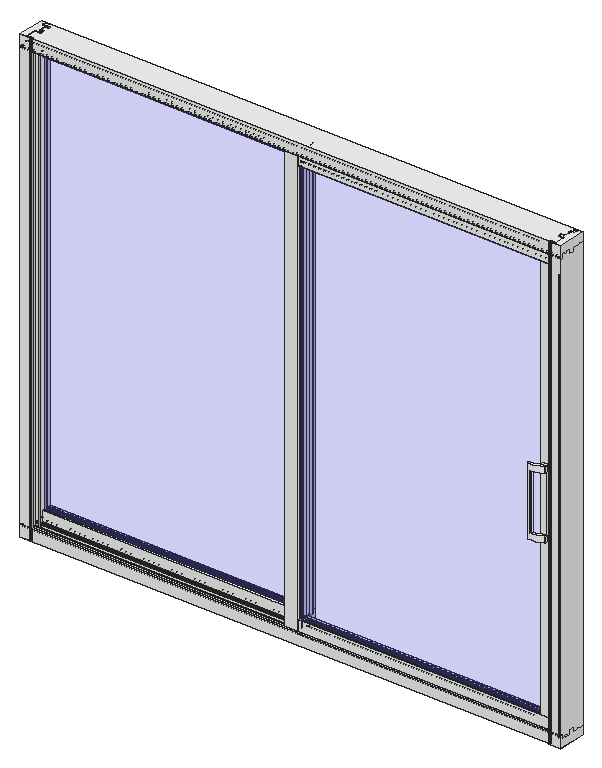
Revit family "Patio-Door_Windsor_Novatech", category Doors, host Wall, Revit 2026 (continued)
Definition of nested family "NOVATECH WINDSOR_SASH_O"
  Dimensions and locks (in)
    "Height": plane 6 to level
    "Width": plane 4 to plane 5
    equal spacing: plane 4, plane 3 "Center (Left/Right)", plane 5
    locked: plane 5 to Extrusion 1 at 0.5576
    locked: plane 1 "Center (Front/Back)" to Extrusion 1 at 0.34524
    locked: Extrusion 1 sketch curve to Extrusion 1 sketch curve at 1.02386
    locked: level to Extrusion 1 at 1.45848
    locked: plane 6 to Extrusion 1 at 1.9402
    locked: plane 8 to plane 5 at 1.1874
    locked: level to plane 9 at 0.50392
    locked: plane 10 to plane 6 at 0.09642
    aligned and locked: plane 2 to level
    aligned and locked: plane 4 to Extrusion 1
    aligned and locked: nested 3 to plane 4
    aligned and locked: plane 1 "Center (Front/Back)" to nested 1
    aligned and locked: level to nested 3
    aligned and locked: plane 1 "Center (Front/Back)" to nested 3
    aligned and locked: nested 2 to plane 1 "Center (Front/Back)"
    aligned and locked: nested 2 to plane 4
    aligned and locked: nested 2 to plane 6
    aligned and locked: plane 8 to nested 2
    aligned and locked: plane 8 to nested 3
    aligned and locked: nested 1 to plane 9
    aligned and locked: plane 10 to nested 1
    aligned and locked: plane 5 to nested 1
  Automatic sketch dimensions
    Extrusion 1 sketch curve to plane 1 "Center (Front/Back)" = 0.34524"
    plane 5 to Extrusion 1 sketch curve = 0.5576"
    Extrusion 1 sketch curve to plane 4 = 0"
  Nested families (in)
    nested 1: "NOVATECH_650_2 LIGHT_SASH_O_LEFT" at (-24.3124, 0, -5.50392) x (0, -1, 0) z (0, 0, 1), type "NOVATECH_650_2 LIGHT_SASH_X_RIGHT"
      with Length 76.85033"
    nested 2: "NOVATECH_650_2 LIGHT_SASH_O_HEADER" at (-24.3124, 1.62483, 73.68), type "O PANEL HEADER"
      with Length 47.4374"
    nested 3: "NOVATECH_650_2 LIGHT_SASH_O_SILL" at (-24.3124, 0, 0), type "O PANEL SILL"
      with built-in parameter 1001306 3.9531 (stored number, unit not read)
  Definition of nested family "NOVATECH_650_2 LIGHT_SASH_O_LEFT"
    Parameters (values of type "NOVATECH_650_2 LIGHT_SASH_X_RIGHT")
      Length [instance] = 76 1/4"
      Frame Material = none
      Default Elevation = 0"
    Types (2): name | Length
      NOVATECH_650_2 LIGHT_SASH_X_RIGHT | 76 1/4"
      X_RIGHT | 75 121/128"
    Reference planes (in)
      plane 1 "Center (Front/Back)": y = 0
      plane 2: z = 5
      plane 3 "Center (Left/Right)": x = 0
      plane 4: z = 81.25
      plane 5: y = 1.1874
    Forms (in)
      Extrusion 1, solid, material <- "Frame Material"
        sketch origin (0, 0, 0) x (1, 0, 0) y (0, 1, 0)
          loop
            line (-0.19882, 0) -> (0, 0) -> (0, 2.3748) -> (-0.34524, 2.3748) -> (-0.34524, 2.2748) -> (-0.29024, 2.2748) -> (-0.29024, 2.3198) -> (-0.21469, 2.3198) -> (-0.21469, 1.91769)
            arc (-0.21469, 1.91769) -> (-0.20255, 1.8783) -> (-0.17035, 1.85257) r 0.07
            line (-0.17035, 1.85257) -> (-0.17035, 1.78297)
            arc (-0.17035, 1.78297) -> (-0.16544, 1.7572) -> (-0.15138, 1.73505) r 0.07
            line (-0.15138, 1.73505) -> (-0.215, 1.62485) -> (-0.215, 1.71534) -> (-0.24268, 1.8248) -> (-0.29, 1.8248) -> (-0.29, 1.745) -> (-1.40059, 1.745) -> (-1.40059, 2.3198) -> (-1.36909, 2.3198) -> (-1.36909, 2.3748) -> (-1.565, 2.3748)
            arc (-1.565, 2.3748) -> (-1.60743, 2.35723) -> (-1.625, 2.3148) r 0.06
            line (-1.625, 2.3148) -> (-1.625, 0.8675) -> (-1.73018, 0.8675) -> (-1.91681, 1.38026)
            arc (-1.91681, 1.38026) -> (-1.95021, 1.39954) -> (-1.975, 1.37) r 0.03
            line (-1.975, 1.37) -> (-1.975, 0.6975)
            arc (-1.975, 0.6975) -> (-1.95, 0.67891) -> (-1.925, 0.6975) r 0.02611
            arc (-1.925, 0.6975) -> (-1.90789, 0.72878) -> (-1.875, 0.715) r 0.02663
            line (-1.875, 0.715) -> (-1.875, 0.525)
            arc (-1.875, 0.525) -> (-1.90853, 0.50939) -> (-1.925, 0.5425) r 0.0265
            arc (-1.925, 0.5425) -> (-1.95, 0.56007) -> (-1.975, 0.5425) r 0.02657
            line (-1.975, 0.5425) -> (-1.975, 0.03)
            arc (-1.975, 0.03) -> (-1.96621, 0.00879) -> (-1.945, 0) r 0.03
            line (-1.945, 0) -> (-1.42618, 0) -> (-1.21237, 0.255) -> (-0.41263, 0.255) -> (-0.19882, 0)
        from 5 to 81.25
    Dimensions and locks (in)
      "Length": plane 4 to plane 2
      aligned and locked: plane 4 to Extrusion 1
      aligned and locked: Extrusion 1 to plane 2
    Automatic sketch dimensions
      plane 1 "Center (Front/Back)" to Extrusion 1 sketch curve = 0"  (x2)
      Extrusion 1 sketch curve to plane 3 "Center (Left/Right)" = 0"
      Extrusion 1 sketch curve to plane 3 "Center (Left/Right)" = 0.10035"
      Extrusion 1 sketch curve to Extrusion 1 sketch curve = 0.04433"
      Extrusion 1 sketch curve to Extrusion 1 sketch curve = 0.05102"
      Extrusion 1 sketch curve to Extrusion 1 sketch curve = 0.01898"
      Extrusion 1 sketch curve to plane 3 "Center (Left/Right)" = 0.19882"
      Extrusion 1 sketch curve to plane 3 "Center (Left/Right)" = 0.21469"
      Extrusion 1 sketch curve to Extrusion 1 sketch curve = 0.06362"
      Extrusion 1 sketch curve to Extrusion 1 sketch curve = 0.07232"
      Extrusion 1 sketch curve to Extrusion 1 sketch curve = 0.04732"
      Extrusion 1 sketch curve to Extrusion 1 sketch curve = 0.07555"
      Extrusion 1 sketch curve to Extrusion 1 sketch curve = 0.055"  (x3)
      Extrusion 1 sketch curve to Extrusion 1 sketch curve = 0.21381"  (x2)
      Extrusion 1 sketch curve to plane 1 "Center (Front/Back)" = 0.255"
      Extrusion 1 sketch curve to Extrusion 1 sketch curve = 0.79975"
      Extrusion 1 sketch curve to Extrusion 1 sketch curve = 1.02386"
      Extrusion 1 sketch curve to Extrusion 1 sketch curve = 0.0315"
      Extrusion 1 sketch curve to Extrusion 1 sketch curve = 0.16441"
      Extrusion 1 sketch curve to Extrusion 1 sketch curve = 0.06"
      Extrusion 1 sketch curve to plane 5 = 0.3199"
      Extrusion 1 sketch curve to Extrusion 1 sketch curve = 0.10518"
      Extrusion 1 sketch curve to Extrusion 1 sketch curve = 0.14482"
      Extrusion 1 sketch curve to Extrusion 1 sketch curve = 0.02409"
      Extrusion 1 sketch curve to Extrusion 1 sketch curve = 0.02477"
      plane 5 to Extrusion 1 sketch curve = 0.19286"
      Extrusion 1 sketch curve to Extrusion 1 sketch curve = 0.18663"
      Extrusion 1 sketch curve to Extrusion 1 sketch curve = 0.51882"
      Extrusion 1 sketch curve to Extrusion 1 sketch curve = 0.02819"
      Extrusion 1 sketch curve to Extrusion 1 sketch curve = 0.05091"
      Extrusion 1 sketch curve to Extrusion 1 sketch curve = 0.05023"
      Extrusion 1 sketch curve to Extrusion 1 sketch curve = 0.03"
      Extrusion 1 sketch curve to plane 1 "Center (Front/Back)" = 0.03"
      Extrusion 1 sketch curve to Extrusion 1 sketch curve = 0.3425"
      Extrusion 1 sketch curve to Extrusion 1 sketch curve = 0.0085"
      Extrusion 1 sketch curve to Extrusion 1 sketch curve = 0.00939"
      Extrusion 1 sketch curve to Extrusion 1 sketch curve = 0.009"
      Extrusion 1 sketch curve to Extrusion 1 sketch curve = 0.155"
      Extrusion 1 sketch curve to Extrusion 1 sketch curve = 0.00615"
      Extrusion 1 sketch curve to Extrusion 1 sketch curve = 0.00752"
      Extrusion 1 sketch curve to Extrusion 1 sketch curve = 0.01135"
      plane 5 to Extrusion 1 sketch curve = 0.43745"
      Extrusion 1 sketch curve to Extrusion 1 sketch curve = 0.09049"
      Extrusion 1 sketch curve to Extrusion 1 sketch curve = 0.01971"
      plane 5 to Extrusion 1 sketch curve = 0.5576"
      Extrusion 1 sketch curve to Extrusion 1 sketch curve = 0.04183"
      Extrusion 1 sketch curve to Extrusion 1 sketch curve = 0.0696"
      Extrusion 1 sketch curve to Extrusion 1 sketch curve = 0.35711"
      Extrusion 1 sketch curve to Extrusion 1 sketch curve = 0.5698"
      Extrusion 1 sketch curve to Extrusion 1 sketch curve = 0.045"
  Definition of nested family "NOVATECH_650_2 LIGHT_SASH_O_HEADER"
    Parameters (values of type "O PANEL HEADER")
      Length [instance] = 25.4316"
      Frame Material = none
      Default Elevation = 0"
    Reference planes (in)
      plane 1 "Center (Front/Back)": y = 0
      plane 2: z = 0
      plane 3 "Center (Left/Right)": x = 0
      plane 4: x = 25.4316
    Forms (in)
      Extrusion 1, solid, material <- "Frame Material"
        sketch origin (0, 3.99113, -1.74837) x (0, 1, 0) y (0, 0, 1)
          loop
            line (-2.3663, 1.74837) -> (-2.3663, 4.23031)
            arc (-2.3663, 4.23031) -> (-2.38639, 4.24041) -> (-2.40192, 4.22415) r 0.0189
            line (-2.40192, 4.22415) -> (-2.45613, 4.22415)
            arc (-2.45613, 4.22415) -> (-2.47104, 4.23043) -> (-2.47697, 4.24547) r 0.02084
            line (-2.47697, 4.24547) -> (-2.47158, 4.32101)
            arc (-2.47158, 4.32101) -> (-2.44565, 4.31423) -> (-2.43513, 4.33887) r 0.02052
            line (-2.43513, 4.33887) -> (-2.49799, 4.40677)
            arc (-2.49799, 4.40677) -> (-2.52545, 4.41306) -> (-2.54133, 4.38979) r 0.025
            line (-2.54133, 4.38979) -> (-2.54133, 4.18447)
            arc (-2.54133, 4.18447) -> (-2.53556, 4.17055) -> (-2.52165, 4.16479) r 0.01969
            line (-2.52165, 4.16479) -> (-2.44113, 4.16479) -> (-2.44113, 3.84837) -> (-3.65613, 3.84837) -> (-3.65613, 4.28837)
            arc (-3.65613, 4.28837) -> (-3.66492, 4.30958) -> (-3.68613, 4.31837) r 0.03
            line (-3.68613, 4.31837) -> (-3.77735, 4.31837) -> (-3.82674, 4.26898)
            arc (-3.82674, 4.26898) -> (-3.82999, 4.25263) -> (-3.81613, 4.24337) r 0.015
            line (-3.81613, 4.24337) -> (-3.73613, 4.24337) -> (-3.73613, 3.62525) -> (-3.91613, 3.62525) -> (-3.91613, 3.68785) -> (-3.99113, 3.68785) -> (-3.99113, 1.90664)
            arc (-3.99113, 1.90664) -> (-3.89305, 1.80747) -> (-3.76672, 1.74837) r 0.39685
            arc (-3.76672, 1.74837) -> (-3.73422, 1.78087) -> (-3.76672, 1.81337) r 0.0325
            line (-3.76672, 1.81337) -> (-3.76672, 2.34207)
            arc (-3.76672, 2.34207) -> (-3.69124, 2.44838) -> (-3.566, 2.41215) r 0.1126
            arc (-3.566, 2.41215) -> (-3.53466, 2.38711) -> (-3.49556, 2.37817) r 0.09
            line (-3.49556, 2.37817) -> (-2.65613, 2.37817) -> (-2.65613, 2.31314)
            arc (-2.65613, 2.31314) -> (-2.63061, 2.29326) -> (-2.60508, 2.31314) r 0.02633
            line (-2.60508, 2.31314) -> (-2.58113, 2.40783) -> (-2.58113, 2.49832) -> (-2.51751, 2.38812)
            arc (-2.51751, 2.38812) -> (-2.53157, 2.36597) -> (-2.53649, 2.3402) r 0.07
            line (-2.53649, 2.3402) -> (-2.53649, 2.2706)
            arc (-2.53649, 2.2706) -> (-2.56868, 2.24487) -> (-2.58082, 2.20548) r 0.07
            line (-2.58082, 2.20548) -> (-2.58082, 1.80337) -> (-2.65637, 1.80337) -> (-2.65637, 1.84837) -> (-2.71137, 1.84837) -> (-2.71137, 1.74837) -> (-2.3663, 1.74837)
        from 0 to 25.4316
    Dimensions and locks (in)
      "Length": plane 3 "Center (Left/Right)" to plane 4
      aligned and locked: plane 2 to level
      aligned and locked: plane 4 to Extrusion 1
      aligned and locked: Extrusion 1 to plane 3 "Center (Left/Right)"
    Automatic sketch dimensions
      Extrusion 1 sketch curve to plane 1 "Center (Front/Back)" = 0"
      Extrusion 1 sketch curve to level = 0"  (x2)
      Extrusion 1 sketch curve to Extrusion 1 sketch curve = 0.075"  (x2)
      Extrusion 1 sketch curve to plane 1 "Center (Front/Back)" = 0.16439"
      Extrusion 1 sketch curve to Extrusion 1 sketch curve = 0.01061"
      Extrusion 1 sketch curve to Extrusion 1 sketch curve = 0.04939"
      level to Extrusion 1 sketch curve = 0.065"
      Extrusion 1 sketch curve to plane 1 "Center (Front/Back)" = 0.22441"
      Extrusion 1 sketch curve to Extrusion 1 sketch curve = 0.18"
      Extrusion 1 sketch curve to Extrusion 1 sketch curve = 0.05"
      Extrusion 1 sketch curve to Extrusion 1 sketch curve = 0.10239"
      Extrusion 1 sketch curve to Extrusion 1 sketch curve = 0.08"
      Extrusion 1 sketch curve to Extrusion 1 sketch curve = 0.1126"
      Extrusion 1 sketch curve to Extrusion 1 sketch curve = 0.15857"
      level to Extrusion 1 sketch curve = 0.1"
      Extrusion 1 sketch curve to Extrusion 1 sketch curve = 0.78419"
      Extrusion 1 sketch curve to Extrusion 1 sketch curve = 0.055"
      Extrusion 1 sketch curve to Extrusion 1 sketch curve = 0.00024"
      Extrusion 1 sketch curve to Extrusion 1 sketch curve = 0.02553"  (x2)
      level to Extrusion 1 sketch curve = 0.56477"
      Extrusion 1 sketch curve to Extrusion 1 sketch curve = 0.02426"
      Extrusion 1 sketch curve to Extrusion 1 sketch curve = 1.1148"
      Extrusion 1 sketch curve to Extrusion 1 sketch curve = 0.06859"
      Extrusion 1 sketch curve to Extrusion 1 sketch curve = 0.01969"
      level to Extrusion 1 sketch curve = 0.63975"
      Extrusion 1 sketch curve to Extrusion 1 sketch curve = 0.01898"
      Extrusion 1 sketch curve to Extrusion 1 sketch curve = 0.025"
      Extrusion 1 sketch curve to Extrusion 1 sketch curve = 0.07"  (x2)
      Extrusion 1 sketch curve to Extrusion 1 sketch curve = 0.01835"
      Extrusion 1 sketch curve to Extrusion 1 sketch curve = 0.04468"
      Extrusion 1 sketch curve to Extrusion 1 sketch curve = 0.00538"
      Extrusion 1 sketch curve to Extrusion 1 sketch curve = 0.02083"
      Extrusion 1 sketch curve to Extrusion 1 sketch curve = 0.0169"
      Extrusion 1 sketch curve to Extrusion 1 sketch curve = 0.015"  (x2)
      Extrusion 1 sketch curve to Extrusion 1 sketch curve = 0.01956"
      Extrusion 1 sketch curve to Extrusion 1 sketch curve = 0.05421"
      Extrusion 1 sketch curve to Extrusion 1 sketch curve = 0.01875"
      Extrusion 1 sketch curve to Extrusion 1 sketch curve = 0.01687"
      Extrusion 1 sketch curve to Extrusion 1 sketch curve = 0.045"  (x2)
      level to Extrusion 1 sketch curve = 0.15827"
      Extrusion 1 sketch curve to Extrusion 1 sketch curve = 0.13472"
      Extrusion 1 sketch curve to Extrusion 1 sketch curve = 0.00646"
      Extrusion 1 sketch curve to Extrusion 1 sketch curve = 0.21029"
      Extrusion 1 sketch curve to Extrusion 1 sketch curve = 0.0361"
      Extrusion 1 sketch curve to Extrusion 1 sketch curve = 0.01971"
      Extrusion 1 sketch curve to Extrusion 1 sketch curve = 0.09"
      Extrusion 1 sketch curve to Extrusion 1 sketch curve = 0.09049"
      Extrusion 1 sketch curve to Extrusion 1 sketch curve = 1.15708"
      Extrusion 1 sketch curve to Extrusion 1 sketch curve = 0.0626"
      Extrusion 1 sketch curve to Extrusion 1 sketch curve = 0.22312"
      Extrusion 1 sketch curve to Extrusion 1 sketch curve = 81/256"
      Extrusion 1 sketch curve to Extrusion 1 sketch curve = 0.057"
      Extrusion 1 sketch curve to Extrusion 1 sketch curve = 0.05937"
      Extrusion 1 sketch curve to Extrusion 1 sketch curve = 0.395"
      Extrusion 1 sketch curve to Extrusion 1 sketch curve = 0.02084"
      Extrusion 1 sketch curve to Extrusion 1 sketch curve = 0.07554"
      Extrusion 1 sketch curve to Extrusion 1 sketch curve = 0.01164"
      Extrusion 1 sketch curve to Extrusion 1 sketch curve = 0.06878"
  Definition of nested family "NOVATECH_650_2 LIGHT_SASH_O_SILL"
    Parameters (values of type "O PANEL SILL")
      built-in parameter 1001306 [instance] = 48"
      Frame Material = none
      Default Elevation = 0"
    Reference planes (in)
      plane 1 "Center (Front/Back)": y = 0
      plane 2: z = 0
      plane 3 "Left": x = 0
      plane 4 "Right": x = 48
    Forms (in)
      Extrusion 1, solid, material <- "Frame Material"
        sketch origin (0, -0.42633, -0.74775) x (0, 1, 0) y (0, 0, 1)
          loop
            line (0.42633, 2.83603) -> (0.08208, 2.83603) -> (0.08208, 2.73603) -> (0.13708, 2.73603) -> (0.13708, 2.78103) -> (0.21263, 2.78103) -> (0.21263, 2.37892)
            arc (0.21263, 2.37892) -> (0.22476, 2.33953) -> (0.25696, 2.3138) r 0.07
            line (0.25696, 2.3138) -> (0.25696, 2.2442)
            arc (0.25696, 2.2442) -> (0.26187, 2.21843) -> (0.27593, 2.19628) r 0.07
            line (0.27593, 2.19628) -> (0.21208, 2.08568) -> (0.21184, 2.18032) -> (0.18456, 2.28603) -> (0.13731, 2.28603) -> (0.13731, 2.20623) -> (-0.70211, 2.20623)
            arc (-0.70211, 2.20623) -> (-0.74122, 2.19729) -> (-0.77255, 2.17225) r 0.09
            arc (-0.77255, 2.17225) -> (-0.8978, 2.13603) -> (-0.97328, 2.24233) r 0.1126
            line (-0.97328, 2.24233) -> (-0.97328, 2.78103) -> (-0.94178, 2.78103) -> (-0.94178, 2.83603) -> (-0.97328, 2.83603)
            arc (-0.97328, 2.83603) -> (-1.09961, 2.77693) -> (-1.19769, 2.67777) r 0.39685
            line (-1.19769, 2.67777) -> (-1.19769, 0.9664) -> (-1.12269, 0.9664) -> (-1.12269, 1.01525) -> (-0.94269, 1.01525) -> (-0.94269, 0.40708) -> (-0.9839, 0.40708)
            arc (-0.9839, 0.40708) -> (-1.01702, 0.37396) -> (-0.9839, 0.34085) r 0.03312
            line (-0.9839, 0.34085) -> (-0.89269, 0.34085)
            arc (-0.89269, 0.34085) -> (-0.87148, 0.34963) -> (-0.86269, 0.37085) r 0.03
            line (-0.86269, 0.37085) -> (-0.86269, 0.74775) -> (0.35231, 0.74775) -> (0.35231, 0.49384) -> (0.2718, 0.49384)
            arc (0.2718, 0.49384) -> (0.25788, 0.48807) -> (0.25211, 0.47415) r 0.01969
            line (0.25211, 0.47415) -> (0.25211, 0.26884)
            arc (0.25211, 0.26884) -> (0.26799, 0.24556) -> (0.29546, 0.25185) r 0.025
            line (0.29546, 0.25185) -> (0.36809, 0.3303) -> (0.31537, 0.33849) -> (0.31537, 0.44152) -> (0.38336, 0.44152)
            arc (0.38336, 0.44152) -> (0.40515, 0.42961) -> (0.42633, 0.44256) r 0.02479
            line (0.42633, 0.44256) -> (0.42633, 2.83603)
        from 0 to 48
    Lines and regions (in)
      reference lines
        curve 1: line (0, 0.91091, 0) -> (48, 0.91091, 0)
    Dimensions and locks (in)
      "built-in parameter 1001306": plane 3 "Left" to plane 4 "Right"
      aligned and locked: plane 4 "Right" to curve 1
      aligned and locked: plane 3 "Left" to curve 1
      aligned and locked: level to plane 2
      aligned and locked: Extrusion 1 to plane 3 "Left"
      aligned and locked: plane 4 "Right" to Extrusion 1
    Automatic sketch dimensions
      curve 1 to plane 1 "Center (Front/Back)" = 0.91091"
      level to Extrusion 1 sketch curve = 0"
      plane 1 "Center (Front/Back)" to Extrusion 1 sketch curve = 0"
      plane 1 "Center (Front/Back)" to Extrusion 1 sketch curve = 0.02178"
      Extrusion 1 sketch curve to Extrusion 1 sketch curve = 0.02119"
      plane 1 "Center (Front/Back)" to Extrusion 1 sketch curve = 0.05824"
      plane 1 "Center (Front/Back)" to Extrusion 1 sketch curve = 0.07402"
      plane 1 "Center (Front/Back)" to Extrusion 1 sketch curve = 0.09938"
      Extrusion 1 sketch curve to Extrusion 1 sketch curve = 0.06799"
      Extrusion 1 sketch curve to Extrusion 1 sketch curve = 0.01991"
      Extrusion 1 sketch curve to Extrusion 1 sketch curve = 0.04433"
      Extrusion 1 sketch curve to Extrusion 1 sketch curve = 0.01835"
      Extrusion 1 sketch curve to Extrusion 1 sketch curve = 0.05102"
      Extrusion 1 sketch curve to Extrusion 1 sketch curve = 0.08051"
      Extrusion 1 sketch curve to Extrusion 1 sketch curve = 0.01898"
      Extrusion 1 sketch curve to Extrusion 1 sketch curve = 0.025"
      plane 1 "Center (Front/Back)" to Extrusion 1 sketch curve = 0.21371"
      Extrusion 1 sketch curve to Extrusion 1 sketch curve = 0.06385"
      Extrusion 1 sketch curve to Extrusion 1 sketch curve = 0.0641"
      Extrusion 1 sketch curve to Extrusion 1 sketch curve = 0.0724"
      Extrusion 1 sketch curve to Extrusion 1 sketch curve = 0.07452"
      Extrusion 1 sketch curve to Extrusion 1 sketch curve = 0.07555"
      Extrusion 1 sketch curve to Extrusion 1 sketch curve = 0.055"  (x3)
      Extrusion 1 sketch curve to Extrusion 1 sketch curve = 0.83942"
      Extrusion 1 sketch curve to Extrusion 1 sketch curve = 0.15857"
      Extrusion 1 sketch curve to Extrusion 1 sketch curve = 1.1148"
      Extrusion 1 sketch curve to Extrusion 1 sketch curve = 0.01021"
      Extrusion 1 sketch curve to Extrusion 1 sketch curve = 0.03"
      Extrusion 1 sketch curve to Extrusion 1 sketch curve = 0.0709"
      Extrusion 1 sketch curve to Extrusion 1 sketch curve = 0.05"
      Extrusion 1 sketch curve to Extrusion 1 sketch curve = 0.0315"  (x2)
      Extrusion 1 sketch curve to Extrusion 1 sketch curve = 0.04121"
      Extrusion 1 sketch curve to Extrusion 1 sketch curve = 0.18"
      Extrusion 1 sketch curve to Extrusion 1 sketch curve = 0.075"
      Extrusion 1 sketch curve to level = 65/256"
      Extrusion 1 sketch curve to Extrusion 1 sketch curve = 0.03944"
      Extrusion 1 sketch curve to Extrusion 1 sketch curve = 0.01288"
      Extrusion 1 sketch curve to level = 0.34068"
      Extrusion 1 sketch curve to Extrusion 1 sketch curve = 0.03312"
      Extrusion 1 sketch curve to Extrusion 1 sketch curve = 0.10303"
      Extrusion 1 sketch curve to Extrusion 1 sketch curve = 0.00819"
      Extrusion 1 sketch curve to Extrusion 1 sketch curve = 0.06965"
      level to Extrusion 1 sketch curve = 0.21865"
      Extrusion 1 sketch curve to Extrusion 1 sketch curve = 0.04885"
      level to Extrusion 1 sketch curve = 1.33793"
      Extrusion 1 sketch curve to Extrusion 1 sketch curve = 0.03055"
      Extrusion 1 sketch curve to Extrusion 1 sketch curve = 0.09464"
      Extrusion 1 sketch curve to Extrusion 1 sketch curve = 0.01596"
      Extrusion 1 sketch curve to Extrusion 1 sketch curve = 0.02591"
      Extrusion 1 sketch curve to Extrusion 1 sketch curve = 0.0361"
      Extrusion 1 sketch curve to Extrusion 1 sketch curve = 0.04183"
      Extrusion 1 sketch curve to Extrusion 1 sketch curve = 0.0696"
      Extrusion 1 sketch curve to Extrusion 1 sketch curve = 0.21029"
      Extrusion 1 sketch curve to Extrusion 1 sketch curve = 0.22515"
      Extrusion 1 sketch curve to Extrusion 1 sketch curve = 0.35711"
      Extrusion 1 sketch curve to Extrusion 1 sketch curve = 0.045"
Definition of nested family "NOVATECH_WINDSOR_LIGHT_SASH_X"
  Parameters (values of type "SASH_X")
    Width = 46 1/4"
    Panel Material = none
    Height = 76 1/4"
    Frame Material = none
    Default Elevation = 0"
  Reference planes (in)
    plane 1 "Center (Front/Back)": y = 0
    plane 2: z = -0.08661
    plane 3 "Center (Left/Right)": x = 0
    plane 4: x = 23.125
    plane 5: x = -23.125
    plane 6: z = 76.16339
    plane 7: y = 0.8125
    plane 8: x = 21.9376
    plane 9: z = 75.72272
    plane 10: z = -0.57143
  Forms (in)
    Extrusion 1, solid, material <- "Panel Material"
      sketch origin (53.25948, -3.31617, -6.62158) x (1, 0, 0) y (0, 1, 0)
        loop
          line (-74.63948, 4.68526) -> (-74.63948, 3.66141) -> (-30.69208, 3.66141) -> (-30.69208, 4.68526) -> (-74.63948, 4.68526)
      from 8.02497 to 80.8543
  Dimensions and locks (in)
    "Height": plane 6 to level
    "Width": plane 4 to plane 5
    equal spacing: plane 4, plane 3 "Center (Left/Right)", plane 5
    locked: Extrusion 1 sketch curve to Extrusion 1 sketch curve at 1.02386
    locked: plane 5 to Extrusion 1 at 1.745
    locked: Extrusion 1 to plane 4 at 0.5576
    locked: Extrusion 1 to level at 1.49
    locked: plane 8 to plane 4 at 1.1874
    locked: plane 6 to Extrusion 1 at 1.93067
    locked: Extrusion 1 to plane 1 "Center (Front/Back)" at 1.36909
    locked: plane 9 to plane 6 at 0.44067
    locked: level to plane 10 at 0.48482
    aligned and locked: nested 1 to plane 5  (x2)
    aligned and locked: plane 1 "Center (Front/Back)" to nested 1
    aligned and locked: plane 1 "Center (Front/Back)" to nested 2
    aligned and locked: nested 1 to level
    aligned and locked: nested 3 to plane 1 "Center (Front/Back)"
    aligned and locked: plane 8 to nested 3
    aligned and locked: level to nested 4
    aligned and locked: plane 6 to nested 3
    aligned and locked: nested 1 to plane 9
    aligned and locked: plane 8 to nested 4
    aligned and locked: nested 2 to plane 10
    aligned and locked: plane 6 to nested 2
    aligned and locked: nested 3 to plane 5
    aligned and locked: nested 4 to plane 5
    aligned and locked: nested 2 to plane 4
  Automatic sketch dimensions
    Extrusion 1 sketch curve to plane 1 "Center (Front/Back)" = 0.34524"
    plane 5 to Extrusion 1 sketch curve = 1.745"
    Extrusion 1 sketch curve to plane 4 = 0.5576"
  Nested families (in)
    nested 1: "NOVATECH_650_2 LIGHT_SASH_X_LEFT" at (-23.125, 1.625, -18.97724) x (0, -1, 0) z (0, 0, 1), type "X_LEFT"
      with Length 75.80933"
    nested 2: "NOVATECH_650_2 LIGHT_SASH_X_RIGHT" at (24.3124, 1.625, -14.07143) x (0, 1, 0) z (0, 0, 1), type "X_RIGHT"
      with Length 76.73482"
    nested 3: "NOVATECH_650_2 LIGHT_SASH_X_HEADER" at (-23.125, -2.1125, 75.72272), type "X_HEADER"
      with built-in parameter 1001306 3.7552 (stored number, unit not read)
    nested 4: "NOVATECH_650_2 LIGHT_SASH_X_SILL" at (-23.125, -2.1125, -0.08661), type "X_SILL"
      with built-in parameter 1001306 3.7552 (stored number, unit not read)
  Definition of nested family "NOVATECH_650_2 LIGHT_SASH_X_LEFT"
    Parameters (values of type "X_LEFT")
      Length [instance] = 84"
      Frame Material = none
      Default Elevation = 0"
    Reference planes (in)
      plane 1 "Center (Front/Back)": y = 0
      plane 2: z = 18.89063
      plane 3 "Center (Left/Right)": x = 0
      plane 4: z = 102.89063
      plane 5: x = 1.65748
    Forms (in)
      Extrusion 1, solid, material <- "Frame Material"
        sketch origin (0, 0, 0) x (1, 0, 0) y (0, 1, 0)
          loop
            line (0.41263, 0.255) -> (1.21237, 0.255) -> (1.42618, 0) -> (1.565, 0)
            arc (1.565, 0) -> (1.60743, 0.01757) -> (1.625, 0.06) r 0.06
            line (1.625, 0.06) -> (1.625, 2.3748) -> (1.27976, 2.3748) -> (1.27976, 2.2748) -> (1.33476, 2.2748) -> (1.33476, 2.3198) -> (1.41031, 2.3198) -> (1.41031, 1.91769)
            arc (1.41031, 1.91769) -> (1.42245, 1.8783) -> (1.45465, 1.85257) r 0.07
            line (1.45465, 1.85257) -> (1.45465, 1.78297)
            arc (1.45465, 1.78297) -> (1.45956, 1.7572) -> (1.47362, 1.73505) r 0.07
            line (1.47362, 1.73505) -> (1.40977, 1.62445) -> (1.40952, 1.71909) -> (1.38611, 1.8098)
            arc (1.38611, 1.8098) -> (1.36056, 1.8296) -> (1.335, 1.8098) r 0.02639
            line (1.335, 1.8098) -> (1.335, 1.745) -> (0.22441, 1.745) -> (0.22441, 2.3098)
            arc (0.22441, 2.3098) -> (0.25691, 2.3423) -> (0.22441, 2.3748) r 0.0325
            arc (0.22441, 2.3748) -> (0.09808, 2.3157) -> (0, 2.21654) r 0.39685
            line (0, 2.21654) -> (0, 0.06)
            arc (0, 0.06) -> (0.01757, 0.01757) -> (0.06, 0) r 0.06
            line (0.06, 0) -> (0.19882, 0) -> (0.41263, 0.255)
        from 18.89063 to 102.89063
    Dimensions and locks (in)
      "Length": plane 4 to plane 2
      aligned and locked: plane 4 to Extrusion 1
      aligned and locked: Extrusion 1 to plane 2
      aligned and locked: plane 2 to level
    Automatic sketch dimensions
      Extrusion 1 sketch curve to plane 3 "Center (Left/Right)" = 0"
      plane 1 "Center (Front/Back)" to Extrusion 1 sketch curve = 0"  (x2)
      Extrusion 1 sketch curve to Extrusion 1 sketch curve = 0.06"
      Extrusion 1 sketch curve to Extrusion 1 sketch curve = 0.13882"
      plane 3 "Center (Left/Right)" to Extrusion 1 sketch curve = 0.22441"
      Extrusion 1 sketch curve to Extrusion 1 sketch curve = 0.10239"
      Extrusion 1 sketch curve to Extrusion 1 sketch curve = 0.21381"
      Extrusion 1 sketch curve to plane 5 = 0.44511"
      Extrusion 1 sketch curve to plane 5 = 0.37772"
      Extrusion 1 sketch curve to Extrusion 1 sketch curve = 0.055"  (x2)
      Extrusion 1 sketch curve to plane 5 = 0.32248"
      Extrusion 1 sketch curve to Extrusion 1 sketch curve = 0.02556"  (x2)
      Extrusion 1 sketch curve to Extrusion 1 sketch curve = 0.07452"
      Extrusion 1 sketch curve to Extrusion 1 sketch curve = 0.00024"
      Extrusion 1 sketch curve to Extrusion 1 sketch curve = 0.0242"
      Extrusion 1 sketch curve to plane 5 = 0.2313"
      Extrusion 1 sketch curve to Extrusion 1 sketch curve = 0.04433"
      Extrusion 1 sketch curve to Extrusion 1 sketch curve = 0.01898"
      Extrusion 1 sketch curve to Extrusion 1 sketch curve = 0.02567"
      Extrusion 1 sketch curve to Extrusion 1 sketch curve = 0.07"
      Extrusion 1 sketch curve to plane 1 "Center (Front/Back)" = 0.06"
      Extrusion 1 sketch curve to plane 5 = 0.09248"
      Extrusion 1 sketch curve to plane 1 "Center (Front/Back)" = 0.255"
      Extrusion 1 sketch curve to Extrusion 1 sketch curve = 1.36945"
      Extrusion 1 sketch curve to Extrusion 1 sketch curve = 0.09464"
      Extrusion 1 sketch curve to Extrusion 1 sketch curve = 0.01596"
      Extrusion 1 sketch curve to Extrusion 1 sketch curve = 0.02591"
      Extrusion 1 sketch curve to Extrusion 1 sketch curve = 0.05821"
      Extrusion 1 sketch curve to Extrusion 1 sketch curve = 0.0066"
      Extrusion 1 sketch curve to Extrusion 1 sketch curve = 0.0696"
      Extrusion 1 sketch curve to Extrusion 1 sketch curve = 0.22515"
      Extrusion 1 sketch curve to Extrusion 1 sketch curve = 0.35711"
      Extrusion 1 sketch curve to Extrusion 1 sketch curve = 0.065"
      Extrusion 1 sketch curve to Extrusion 1 sketch curve = 0.045"
      Extrusion 1 sketch curve to Extrusion 1 sketch curve = 0.24639"
  Definition of nested family "NOVATECH_650_2 LIGHT_SASH_X_RIGHT"
    Parameters (values of type "NOVATECH_650_2 LIGHT_SASH_X_RIGHT")
      Length [instance] = 79 1/2"
      Frame Material = none
      Default Elevation = 0"
    Types (2): name | Length
      NOVATECH_650_2 LIGHT_SASH_X_RIGHT | 79 1/2"
      X_RIGHT | 91 121/128"
    Reference planes (in)
      plane 1 "Center (Front/Back)": y = 0
      plane 2: z = 13.5
      plane 3 "Center (Left/Right)": x = 0
      plane 4: z = 93
      plane 5: y = 1.1874
    Forms (in)
      Extrusion 1, solid, material <- "Frame Material"
        sketch origin (0, 0, 0) x (1, 0, 0) y (0, 1, 0)
          loop
            line (-0.19882, 0) -> (0, 0) -> (0, 2.21654)
            arc (0, 2.21654) -> (-0.09808, 2.3157) -> (-0.22441, 2.3748) r 0.39685
            line (-0.22441, 2.3748) -> (-0.25591, 2.3748) -> (-0.25591, 2.3198) -> (-0.22441, 2.3198) -> (-0.22441, 1.745) -> (-1.335, 1.745) -> (-1.335, 1.81004)
            arc (-1.335, 1.81004) -> (-1.36053, 1.82991) -> (-1.38605, 1.81004) r 0.02633
            line (-1.38605, 1.81004) -> (-1.41, 1.71534) -> (-1.41, 1.62485) -> (-1.47362, 1.73505)
            arc (-1.47362, 1.73505) -> (-1.45956, 1.7572) -> (-1.45465, 1.78297) r 0.07
            line (-1.45465, 1.78297) -> (-1.45465, 1.85257)
            arc (-1.45465, 1.85257) -> (-1.42245, 1.8783) -> (-1.41031, 1.91769) r 0.07
            line (-1.41031, 1.91769) -> (-1.41031, 2.3198) -> (-1.335, 2.3198) -> (-1.335, 2.27481) -> (-1.27976, 2.27481) -> (-1.27976, 2.3748) -> (-1.625, 2.3748) -> (-1.625, 0.8675) -> (-1.73018, 0.8675) -> (-1.91681, 1.38026)
            arc (-1.91681, 1.38026) -> (-1.95021, 1.39954) -> (-1.975, 1.37) r 0.03
            line (-1.975, 1.37) -> (-1.975, 0.6975)
            arc (-1.975, 0.6975) -> (-1.95, 0.67891) -> (-1.925, 0.6975) r 0.02611
            arc (-1.925, 0.6975) -> (-1.90789, 0.72878) -> (-1.875, 0.715) r 0.02663
            line (-1.875, 0.715) -> (-1.875, 0.525)
            arc (-1.875, 0.525) -> (-1.90853, 0.50939) -> (-1.925, 0.5425) r 0.0265
            arc (-1.925, 0.5425) -> (-1.95, 0.56007) -> (-1.975, 0.5425) r 0.02657
            line (-1.975, 0.5425) -> (-1.975, 0.03)
            arc (-1.975, 0.03) -> (-1.96621, 0.00879) -> (-1.945, 0) r 0.03
            line (-1.945, 0) -> (-1.42618, 0) -> (-1.21237, 0.255) -> (-0.41263, 0.255) -> (-0.19882, 0)
        from 13.5 to 93
    Dimensions and locks (in)
      "Length": plane 4 to plane 2
      aligned and locked: plane 4 to Extrusion 1
      aligned and locked: Extrusion 1 to plane 2
      aligned and locked: level to plane 2
    Automatic sketch dimensions
      plane 1 "Center (Front/Back)" to Extrusion 1 sketch curve = 0"  (x2)
      Extrusion 1 sketch curve to plane 3 "Center (Left/Right)" = 0"
      Extrusion 1 sketch curve to plane 3 "Center (Left/Right)" = 0.19882"
      Extrusion 1 sketch curve to plane 3 "Center (Left/Right)" = 0.22441"
      Extrusion 1 sketch curve to Extrusion 1 sketch curve = 0"  (x2)
      Extrusion 1 sketch curve to Extrusion 1 sketch curve = 0.0315"
      Extrusion 1 sketch curve to Extrusion 1 sketch curve = 0.21381"  (x2)
      Extrusion 1 sketch curve to plane 1 "Center (Front/Back)" = 0.255"
      Extrusion 1 sketch curve to Extrusion 1 sketch curve = 0.79975"
      Extrusion 1 sketch curve to Extrusion 1 sketch curve = 1.05535"
      Extrusion 1 sketch curve to Extrusion 1 sketch curve = 0.05524"
      Extrusion 1 sketch curve to Extrusion 1 sketch curve = 0.02553"  (x2)
      Extrusion 1 sketch curve to Extrusion 1 sketch curve = 0.075"
      Extrusion 1 sketch curve to Extrusion 1 sketch curve = 0.07531"
      Extrusion 1 sketch curve to Extrusion 1 sketch curve = 0.04433"
      Extrusion 1 sketch curve to Extrusion 1 sketch curve = 0.01898"
      Extrusion 1 sketch curve to Extrusion 1 sketch curve = 0.07"  (x3)
      Extrusion 1 sketch curve to Extrusion 1 sketch curve = 0.21469"
      Extrusion 1 sketch curve to Extrusion 1 sketch curve = 0.10518"
      Extrusion 1 sketch curve to Extrusion 1 sketch curve = 0.14482"
      Extrusion 1 sketch curve to Extrusion 1 sketch curve = 0.02409"
      Extrusion 1 sketch curve to Extrusion 1 sketch curve = 0.02477"
      Extrusion 1 sketch curve to Extrusion 1 sketch curve = 0.18663"
      Extrusion 1 sketch curve to plane 1 "Center (Front/Back)" = 0.03"
      Extrusion 1 sketch curve to Extrusion 1 sketch curve = 0.02819"
      Extrusion 1 sketch curve to Extrusion 1 sketch curve = 0.025"  (x2)
      Extrusion 1 sketch curve to Extrusion 1 sketch curve = 0.05091"
      Extrusion 1 sketch curve to Extrusion 1 sketch curve = 0.3425"
      Extrusion 1 sketch curve to Extrusion 1 sketch curve = 0.0085"
      Extrusion 1 sketch curve to Extrusion 1 sketch curve = 0.00939"
      Extrusion 1 sketch curve to Extrusion 1 sketch curve = 0.009"
      Extrusion 1 sketch curve to Extrusion 1 sketch curve = 0.155"
      Extrusion 1 sketch curve to Extrusion 1 sketch curve = 0.00615"
      Extrusion 1 sketch curve to Extrusion 1 sketch curve = 0.00752"
      Extrusion 1 sketch curve to Extrusion 1 sketch curve = 0.01135"
      Extrusion 1 sketch curve to Extrusion 1 sketch curve = 0.01971"
      Extrusion 1 sketch curve to Extrusion 1 sketch curve = 0.06504"
      Extrusion 1 sketch curve to Extrusion 1 sketch curve = 0.00646"
      Extrusion 1 sketch curve to Extrusion 1 sketch curve = 0.0696"
      Extrusion 1 sketch curve to Extrusion 1 sketch curve = 0.22515"
      Extrusion 1 sketch curve to Extrusion 1 sketch curve = 0.35711"
      Extrusion 1 sketch curve to Extrusion 1 sketch curve = 0.045"
      Extrusion 1 sketch curve to Extrusion 1 sketch curve = 0.055"  (x2)
      Extrusion 1 sketch curve to Extrusion 1 sketch curve = 0.495"
      Extrusion 1 sketch curve to Extrusion 1 sketch curve = 0.5025"
      Extrusion 1 sketch curve to Extrusion 1 sketch curve = 0.24459"
      Extrusion 1 sketch curve to Extrusion 1 sketch curve = 0.09049"
      Extrusion 1 sketch curve to Extrusion 1 sketch curve = 0.02966"
      Extrusion 1 sketch curve to Extrusion 1 sketch curve = 0.10239"
      Extrusion 1 sketch curve to Extrusion 1 sketch curve = 0.24639"
  Definition of nested family "NOVATECH_650_2 LIGHT_SASH_X_HEADER"
    Parameters (values of type "X_HEADER")
      built-in parameter 1001306 [instance] = 54"
      Frame Material = none
      Default Elevation = 0"
    Reference planes (in)
      plane 1 "Center (Front/Back)": y = 0
      plane 2: z = 0
      plane 3 "Left": x = 0
      plane 4 "Right": x = 54
      plane 5: z = 2.55857
    Forms (in)
      Extrusion 1, solid, material <- "Frame Material"
        sketch origin (0, 0, 0) x (0, 1, 0) y (0, 0, 1)
          loop
            arc (-2.1125, 0.195) -> (-2.13007, 0.23743) -> (-2.1725, 0.255) r 0.06
            line (-2.1725, 0.255) -> (-2.31132, 0.255) -> (-2.52513, 0) -> (-2.58105, 0) -> (-2.58105, 0.08646) -> (-2.77205, 0.08646) -> (-2.77205, 0.36541) -> (-2.80605, 0.36541) -> (-2.80605, 0.12284)
            arc (-2.80605, 0.12284) -> (-2.86309, 0.16682) -> (-2.93355, 0.18174) r 0.16205
            arc (-2.93355, 0.18174) -> (-3.00128, 0.16575) -> (-3.05605, 0.12284) r 0.16205
            line (-3.05605, 0.12284) -> (-3.05605, 0.36541) -> (-3.09005, 0.36541) -> (-3.09005, 0.08646) -> (-3.28105, 0.08646) -> (-3.28105, 0) -> (-3.32487, 0) -> (-3.53868, 0.255) -> (-3.6775, 0.255)
            arc (-3.6775, 0.255) -> (-3.71993, 0.23743) -> (-3.7375, 0.195) r 0.06
            line (-3.7375, 0.195) -> (-3.7375, -1.96154)
            arc (-3.7375, -1.96154) -> (-3.63942, -2.0607) -> (-3.51309, -2.1198) r 0.39685
            arc (-3.51309, -2.1198) -> (-3.48059, -2.0873) -> (-3.51309, -2.0548) r 0.0325
            line (-3.51309, -2.0548) -> (-3.51309, -1.5261)
            arc (-3.51309, -1.5261) -> (-3.43761, -1.4198) -> (-3.31236, -1.45602) r 0.1126
            arc (-3.31236, -1.45602) -> (-3.28103, -1.48106) -> (-3.24192, -1.49) r 0.09
            line (-3.24192, -1.49) -> (-2.4025, -1.49) -> (-2.4025, -1.5698) -> (-2.35526, -1.5698) -> (-2.32798, -1.46409) -> (-2.32773, -1.36945) -> (-2.26388, -1.48005)
            arc (-2.26388, -1.48005) -> (-2.27794, -1.5022) -> (-2.28285, -1.52797) r 0.07
            line (-2.28285, -1.52797) -> (-2.28285, -1.59757)
            arc (-2.28285, -1.59757) -> (-2.31505, -1.6233) -> (-2.32719, -1.66269) r 0.07
            line (-2.32719, -1.66269) -> (-2.32719, -2.0648) -> (-2.40274, -2.0648) -> (-2.40274, -2.0198) -> (-2.45774, -2.0198) -> (-2.45774, -2.1198) -> (-2.1125, -2.1198) -> (-2.1125, 0.195)
          loop
            line (-1.41, 0.44067) -> (-1.44121, 0.44067) -> (-1.50061, 0.38127)
            arc (-1.50061, 0.38127) -> (-1.50386, 0.36493) -> (-1.49, 0.35567) r 0.015
            line (-1.49, 0.35567) -> (-1.45, 0.35567) -> (-1.45, -0.11449) -> (-1.4164, -0.11449) -> (-1.4164, -0.19433) -> (-1.89268, -0.19433)
            arc (-1.89268, -0.19433) -> (-1.91461, -0.18487) -> (-1.92997, -0.20316) r 0.02
            arc (-1.92997, -0.20316) -> (-1.91305, -0.24971) -> (-1.86757, -0.26933) r 0.0625
            line (-1.86757, -0.26933) -> (-1.78435, -0.26933) -> (-1.75875, -0.28933) -> (-1.59125, -0.28933) -> (-1.56565, -0.26933) -> (-1.42421, -0.26933) -> (-1.39386, -0.28349) -> (-1.22636, -0.2422) -> (-1.19902, -0.21487) -> (-1.04306, -0.17643) -> (-1.00932, -0.18871) -> (-0.85136, -0.14977) -> (-0.82957, -0.1238) -> (-0.66806, -0.084) -> (-0.62802, -0.09473) -> (-0.47636, -0.05734) -> (-0.44902, -0.03001) -> (-0.29306, 0.00843) -> (-0.25932, -0.00385) -> (-0.10136, 0.03508) -> (-0.07402, 0.06242) -> (-0.03317, 0.07249)
            arc (-0.03317, 0.07249) -> (-0.00928, 0.08794) -> (0, 0.11483) r 0.04361
            line (0, 0.11483) -> (0, 0.36567) -> (-0.075, 0.36567) -> (-0.075, 0.13942) -> (-0.16537, 0.11715) -> (-0.16537, 0.42874) -> (-0.13388, 0.42874)
            arc (-0.13388, 0.42874) -> (-0.12161, 0.43677) -> (-0.12405, 0.45123) r 0.01339
            line (-0.12405, 0.45123) -> (-0.17665, 0.50805)
            arc (-0.17665, 0.50805) -> (-0.20412, 0.51435) -> (-0.22, 0.49107) r 0.025
            line (-0.22, 0.49107) -> (-0.22, 0.10368) -> (-0.84375, -0.05006) -> (-0.84375, 0.37567) -> (-0.8125, 0.37567)
            arc (-0.8125, 0.37567) -> (-0.79129, 0.38445) -> (-0.7825, 0.40567) r 0.03
            line (-0.7825, 0.40567) -> (-0.7825, 0.44067) -> (-0.97, 0.44067) -> (-0.97, 0.40567)
            arc (-0.97, 0.40567) -> (-0.96121, 0.38445) -> (-0.94, 0.37567) r 0.03
            line (-0.94, 0.37567) -> (-0.90875, 0.37567) -> (-0.90875, -0.06608) -> (-1.355, -0.17607) -> (-1.355, -0.12933)
            arc (-1.355, -0.12933) -> (-1.36289, -0.09469) -> (-1.385, -0.06688) r 0.08
            line (-1.385, -0.06688) -> (-1.385, 0.41567)
            arc (-1.385, 0.41567) -> (-1.39232, 0.43334) -> (-1.41, 0.44067) r 0.025
        from 0 to 54
    Lines and regions (in)
      reference lines
        curve 1: line (0, 0, 0) -> (54, 0, 0)
    Dimensions and locks (in)
      "built-in parameter 1001306": plane 3 "Left" to plane 4 "Right"
      aligned and locked: plane 4 "Right" to curve 1
      aligned and locked: plane 1 "Center (Front/Back)" to curve 1
      aligned and locked: plane 3 "Left" to curve 1
      aligned and locked: level to plane 2
      aligned and locked: Extrusion 1 to curve 1
      aligned and locked: Extrusion 1 to plane 3 "Left"
    Automatic sketch dimensions
      Extrusion 1 sketch curve to Extrusion 1 sketch curve = 0"  (x3)
      Extrusion 1 sketch curve to level = 0"  (x2)
      Extrusion 1 sketch curve to plane 1 "Center (Front/Back)" = 0"
      plane 1 "Center (Front/Back)" to Extrusion 1 sketch curve = 0.03317"
      plane 1 "Center (Front/Back)" to Extrusion 1 sketch curve = 0.04361"
      Extrusion 1 sketch curve to Extrusion 1 sketch curve = 0.04085"
      Extrusion 1 sketch curve to Extrusion 1 sketch curve = 0.03139"
      Extrusion 1 sketch curve to Extrusion 1 sketch curve = 7/256"  (x4)
      Extrusion 1 sketch curve to Extrusion 1 sketch curve = 0.04905"
      Extrusion 1 sketch curve to Extrusion 1 sketch curve = 0.00983"
      Extrusion 1 sketch curve to Extrusion 1 sketch curve = 0.03149"
      Extrusion 1 sketch curve to Extrusion 1 sketch curve = 0.0526"
      Extrusion 1 sketch curve to Extrusion 1 sketch curve = 0.01835"
      Extrusion 1 sketch curve to Extrusion 1 sketch curve = 0.05463"
      Extrusion 1 sketch curve to level = 0.00385"
      Extrusion 1 sketch curve to Extrusion 1 sketch curve = 0.03932"
      level to Extrusion 1 sketch curve = 0.00843"
      Extrusion 1 sketch curve to Extrusion 1 sketch curve = 0.03374"  (x2)
      Extrusion 1 sketch curve to level = 0.03001"
      Extrusion 1 sketch curve to Extrusion 1 sketch curve = 0.15596"  (x2)
      Extrusion 1 sketch curve to level = 0.05734"
      Extrusion 1 sketch curve to level = 0.09473"
      Extrusion 1 sketch curve to Extrusion 1 sketch curve = 0.15166"
      Extrusion 1 sketch curve to level = 0.084"
      Extrusion 1 sketch curve to Extrusion 1 sketch curve = 0.04004"
      Extrusion 1 sketch curve to Extrusion 1 sketch curve = 0.11444"
      Extrusion 1 sketch curve to Extrusion 1 sketch curve = 0.03"  (x2)
      Extrusion 1 sketch curve to level = 0.1238"
      Extrusion 1 sketch curve to Extrusion 1 sketch curve = 0.1615"
      Extrusion 1 sketch curve to level = 0.05006"
      Extrusion 1 sketch curve to Extrusion 1 sketch curve = 0.01418"
      Extrusion 1 sketch curve to level = 0.14977"
      Extrusion 1 sketch curve to Extrusion 1 sketch curve = 0.02179"
      Extrusion 1 sketch curve to level = 0.06608"
      Extrusion 1 sketch curve to Extrusion 1 sketch curve = 0.065"  (x2)
      Extrusion 1 sketch curve to Extrusion 1 sketch curve = 1/32"
      Extrusion 1 sketch curve to level = 0.18871"
      Extrusion 1 sketch curve to Extrusion 1 sketch curve = 0.10057"
      Extrusion 1 sketch curve to level = 0.17643"
      Extrusion 1 sketch curve to level = 0.21487"
      Extrusion 1 sketch curve to level = 31/128"
      Extrusion 1 sketch curve to level = 0.17607"
      Extrusion 1 sketch curve to Extrusion 1 sketch curve = 0.12864"
      Extrusion 1 sketch curve to Extrusion 1 sketch curve = 0.415"
      Extrusion 1 sketch curve to level = 0.28349"
      Extrusion 1 sketch curve to Extrusion 1 sketch curve = 0.03886"
      Extrusion 1 sketch curve to Extrusion 1 sketch curve = 0.025"
      Extrusion 1 sketch curve to Extrusion 1 sketch curve = 0.0614"
      Extrusion 1 sketch curve to Extrusion 1 sketch curve = 0.03036"
      Extrusion 1 sketch curve to Extrusion 1 sketch curve = 0.0186"
      Extrusion 1 sketch curve to Extrusion 1 sketch curve = 0.03121"
      Extrusion 1 sketch curve to Extrusion 1 sketch curve = 0.015"
      Extrusion 1 sketch curve to Extrusion 1 sketch curve = 0.04"
      level to Extrusion 1 sketch curve = 0.38127"
      Extrusion 1 sketch curve to Extrusion 1 sketch curve = 0.01061"
      Extrusion 1 sketch curve to level = 0.28933"
      Extrusion 1 sketch curve to Extrusion 1 sketch curve = 0.16704"
      Extrusion 1 sketch curve to Extrusion 1 sketch curve = 0.1675"
      Extrusion 1 sketch curve to Extrusion 1 sketch curve = 0.10882"
      Extrusion 1 sketch curve to Extrusion 1 sketch curve = 0.02511"
      Extrusion 1 sketch curve to Extrusion 1 sketch curve = 0.01732"
      level to Extrusion 1 sketch curve = 0.195"
      Extrusion 1 sketch curve to Extrusion 1 sketch curve = 0.21982"
      Extrusion 1 sketch curve to Extrusion 1 sketch curve = 0.06"  (x2)
      Extrusion 1 sketch curve to Extrusion 1 sketch curve = 0.10035"
      Extrusion 1 sketch curve to Extrusion 1 sketch curve = 0.04433"
      Extrusion 1 sketch curve to level = 1.48005"
      Extrusion 1 sketch curve to Extrusion 1 sketch curve = 0.05102"
      Extrusion 1 sketch curve to Extrusion 1 sketch curve = 0.01898"
      Extrusion 1 sketch curve to Extrusion 1 sketch curve = 0.13882"  (x2)
      Extrusion 1 sketch curve to Extrusion 1 sketch curve = 0.21469"
      Extrusion 1 sketch curve to Extrusion 1 sketch curve = 0.06385"
      Extrusion 1 sketch curve to Extrusion 1 sketch curve = 0.0641"
      Extrusion 1 sketch curve to Extrusion 1 sketch curve = 0.0724"
      Extrusion 1 sketch curve to Extrusion 1 sketch curve = 0.04724"
      Extrusion 1 sketch curve to Extrusion 1 sketch curve = 0.07555"
      Extrusion 1 sketch curve to Extrusion 1 sketch curve = 0.055"  (x2)
      Extrusion 1 sketch curve to Extrusion 1 sketch curve = 0.21381"
      Extrusion 1 sketch curve to Extrusion 1 sketch curve = 0.05593"
      level to Extrusion 1 sketch curve = 0.08646"
      Extrusion 1 sketch curve to Extrusion 1 sketch curve = 0.191"  (x2)
      Extrusion 1 sketch curve to Extrusion 1 sketch curve = 0.034"  (x2)
      level to Extrusion 1 sketch curve = 0.01971"
      Extrusion 1 sketch curve to Extrusion 1 sketch curve = 1/8"  (x2)
      Extrusion 1 sketch curve to Extrusion 1 sketch curve = 0.83942"
      Extrusion 1 sketch curve to Extrusion 1 sketch curve = 0.04382"
      Extrusion 1 sketch curve to Extrusion 1 sketch curve = 0.15857"
      Extrusion 1 sketch curve to Extrusion 1 sketch curve = 0.01021"
      Extrusion 1 sketch curve to Extrusion 1 sketch curve = 0.10239"
      level to Extrusion 1 sketch curve = 0.255"
      Extrusion 1 sketch curve to Extrusion 1 sketch curve = 0.25763"
      Extrusion 1 sketch curve to Extrusion 1 sketch curve = 0.22441"
      Extrusion 1 sketch curve to Extrusion 1 sketch curve = 0.04183"
      Extrusion 1 sketch curve to Extrusion 1 sketch curve = 0.0696"
      Extrusion 1 sketch curve to Extrusion 1 sketch curve = 0.16659"
      Extrusion 1 sketch curve to Extrusion 1 sketch curve = 0.22515"
      Extrusion 1 sketch curve to Extrusion 1 sketch curve = 0.35711"
      Extrusion 1 sketch curve to Extrusion 1 sketch curve = 0.045"
      Extrusion 1 sketch curve to Extrusion 1 sketch curve = 0.21029"
      Extrusion 1 sketch curve to Extrusion 1 sketch curve = 0.0798"
      Extrusion 1 sketch curve to Extrusion 1 sketch curve = 0.01596"
      Extrusion 1 sketch curve to Extrusion 1 sketch curve = 0.09"
      Extrusion 1 sketch curve to Extrusion 1 sketch curve = 0.09464"
      Extrusion 1 sketch curve to Extrusion 1 sketch curve = 0.01415"
      Extrusion 1 sketch curve to Extrusion 1 sketch curve = 0.02"
      Extrusion 1 sketch curve to Extrusion 1 sketch curve = 1/16"
      Extrusion 1 sketch curve to Extrusion 1 sketch curve = 0.0025"
      Extrusion 1 sketch curve to Extrusion 1 sketch curve = 0.01827"
      Extrusion 1 sketch curve to Extrusion 1 sketch curve = 0.04673"
      Extrusion 1 sketch curve to Extrusion 1 sketch curve = 0.01484"
      level to Extrusion 1 sketch curve = 0.03508"
      Extrusion 1 sketch curve to Extrusion 1 sketch curve = 0.08646"
      Extrusion 1 sketch curve to Extrusion 1 sketch curve = 0.01007"
      Extrusion 1 sketch curve to Extrusion 1 sketch curve = 0.03638"
      Extrusion 1 sketch curve to Extrusion 1 sketch curve = 0.10753"
      Extrusion 1 sketch curve to Extrusion 1 sketch curve = 0.01347"
      Extrusion 1 sketch curve to Extrusion 1 sketch curve = 0.02459"
      Extrusion 1 sketch curve to Extrusion 1 sketch curve = 0.24257"  (x2)
      Extrusion 1 sketch curve to Extrusion 1 sketch curve = 0.02561"
      Extrusion 1 sketch curve to Extrusion 1 sketch curve = 0.22624"
      level to Extrusion 1 sketch curve = 0.37567"
      Extrusion 1 sketch curve to Extrusion 1 sketch curve = 0.06308"
      Extrusion 1 sketch curve to Extrusion 1 sketch curve = 0.035"
      Extrusion 1 sketch curve to Extrusion 1 sketch curve = 0.01339"
      Extrusion 1 sketch curve to Extrusion 1 sketch curve = 0.06233"
      Extrusion 1 sketch curve to Extrusion 1 sketch curve = 0.0256"  (x2)
      Extrusion 1 sketch curve to Extrusion 1 sketch curve = 0.12251"
  Definition of nested family "NOVATECH_650_2 LIGHT_SASH_X_SILL"
    Parameters (values of type "X_HEADER")
      built-in parameter 1001306 [instance] = 54"
      Frame Material = none
      Default Elevation = 0"
    Types (2): name
      X_HEADER
      X_SILL
    Reference planes (in)
      plane 1 "Center (Front/Back)": y = 0
      plane 2: z = 0
      plane 3 "Left": x = 0
      plane 4 "Right": x = 54
      plane 5: z = 2.55857
    Forms (in)
      Extrusion 1, solid, material <- "Frame Material"
        sketch origin (0, 0, 0) x (0, 1, 0) y (0, 0, 1)
          loop
            line (-2.1125, -0.195) -> (-2.1125, 2.1198) -> (-2.45774, 2.1198) -> (-2.45774, 2.0198) -> (-2.40274, 2.0198) -> (-2.40274, 2.0648) -> (-2.32719, 2.0648) -> (-2.32719, 1.66269)
            arc (-2.32719, 1.66269) -> (-2.31505, 1.6233) -> (-2.28285, 1.59757) r 0.07
            line (-2.28285, 1.59757) -> (-2.28285, 1.52797)
            arc (-2.28285, 1.52797) -> (-2.27794, 1.5022) -> (-2.26388, 1.48005) r 0.07
            line (-2.26388, 1.48005) -> (-2.32773, 1.36945) -> (-2.32798, 1.46409) -> (-2.35526, 1.5698) -> (-2.4025, 1.5698) -> (-2.4025, 1.49) -> (-3.24192, 1.49)
            arc (-3.24192, 1.49) -> (-3.28103, 1.48106) -> (-3.31236, 1.45602) r 0.09
            arc (-3.31236, 1.45602) -> (-3.43761, 1.4198) -> (-3.51309, 1.5261) r 0.1126
            line (-3.51309, 1.5261) -> (-3.51309, 2.0548)
            arc (-3.51309, 2.0548) -> (-3.48059, 2.0873) -> (-3.51309, 2.1198) r 0.0325
            arc (-3.51309, 2.1198) -> (-3.63942, 2.0607) -> (-3.7375, 1.96154) r 0.39685
            line (-3.7375, 1.96154) -> (-3.7375, -0.195)
            arc (-3.7375, -0.195) -> (-3.71993, -0.23743) -> (-3.6775, -0.255) r 0.06
            line (-3.6775, -0.255) -> (-3.53868, -0.255) -> (-3.32487, 0) -> (-3.28105, 0) -> (-3.28105, -0.08646) -> (-3.09005, -0.08646) -> (-3.09005, -0.36541) -> (-3.05605, -0.36541) -> (-3.05605, -0.12284)
            arc (-3.05605, -0.12284) -> (-3.00128, -0.16575) -> (-2.93355, -0.18174) r 0.16205
            arc (-2.93355, -0.18174) -> (-2.86309, -0.16682) -> (-2.80605, -0.12284) r 0.16205
            line (-2.80605, -0.12284) -> (-2.80605, -0.36541) -> (-2.77205, -0.36541) -> (-2.77205, -0.08646) -> (-2.58105, -0.08646) -> (-2.58105, 0) -> (-2.52513, 0) -> (-2.31132, -0.255) -> (-2.1725, -0.255)
            arc (-2.1725, -0.255) -> (-2.13007, -0.23743) -> (-2.1125, -0.195) r 0.06
          loop
            arc (-1.41, -0.40942) -> (-1.39232, -0.40209) -> (-1.385, -0.38442) r 0.025
            line (-1.385, -0.38442) -> (-1.385, 0.09813)
            arc (-1.385, 0.09813) -> (-1.36289, 0.12594) -> (-1.355, 0.16058) r 0.08
            line (-1.355, 0.16058) -> (-1.355, 0.20732) -> (-0.90875, 0.09733) -> (-0.90875, -0.34442) -> (-0.94, -0.34442)
            arc (-0.94, -0.34442) -> (-0.96121, -0.3532) -> (-0.97, -0.37442) r 0.03
            line (-0.97, -0.37442) -> (-0.97, -0.40942) -> (-0.7825, -0.40942) -> (-0.7825, -0.37442)
            arc (-0.7825, -0.37442) -> (-0.79129, -0.3532) -> (-0.8125, -0.34442) r 0.03
            line (-0.8125, -0.34442) -> (-0.84375, -0.34442) -> (-0.84375, 0.08131) -> (-0.22, -0.07243) -> (-0.22, -0.45982)
            arc (-0.22, -0.45982) -> (-0.20412, -0.4831) -> (-0.17665, -0.4768) r 0.025
            line (-0.17665, -0.4768) -> (-0.12405, -0.41998)
            arc (-0.12405, -0.41998) -> (-0.12161, -0.40552) -> (-0.13388, -0.39749) r 0.01339
            line (-0.13388, -0.39749) -> (-0.16537, -0.39749) -> (-0.16537, -0.0859) -> (-0.075, -0.10817) -> (-0.075, -0.33442) -> (0, -0.33442) -> (0, -0.08358)
            arc (0, -0.08358) -> (-0.00928, -0.05669) -> (-0.03317, -0.04124) r 0.04361
            line (-0.03317, -0.04124) -> (-0.07402, -0.03117) -> (-0.10136, -0.00383) -> (-0.25932, 0.0351) -> (-0.29306, 0.02282) -> (-0.44902, 0.06126) -> (-0.47636, 0.08859) -> (-0.62802, 0.12598) -> (-0.66806, 0.11525) -> (-0.82957, 0.15505) -> (-0.85136, 0.18102) -> (-1.00932, 0.21996) -> (-1.04306, 0.20768) -> (-1.19902, 0.24612) -> (-1.22636, 0.27345) -> (-1.39386, 0.31474) -> (-1.42421, 0.30058) -> (-1.56565, 0.30058) -> (-1.59125, 0.32058) -> (-1.75875, 0.32058) -> (-1.78435, 0.30058) -> (-1.86757, 0.30058)
            arc (-1.86757, 0.30058) -> (-1.91305, 0.28096) -> (-1.92997, 0.23441) r 0.0625
            arc (-1.92997, 0.23441) -> (-1.91461, 0.21612) -> (-1.89268, 0.22558) r 0.02
            line (-1.89268, 0.22558) -> (-1.4164, 0.22558) -> (-1.4164, 0.14574) -> (-1.45, 0.14574) -> (-1.45, -0.32442) -> (-1.49, -0.32442)
            arc (-1.49, -0.32442) -> (-1.50386, -0.33368) -> (-1.50061, -0.35002) r 0.015
            line (-1.50061, -0.35002) -> (-1.44121, -0.40942) -> (-1.41, -0.40942)
        from 0 to 54
    Lines and regions (in)
      reference lines
        curve 1: line (0, 0, 0) -> (54, 0, 0)
    Dimensions and locks (in)
      "built-in parameter 1001306": plane 3 "Left" to plane 4 "Right"
      "built-in parameter 1001306": plane 4 "Right" to plane 3 "Left"
      aligned and locked: plane 4 "Right" to curve 1
      aligned and locked: plane 1 "Center (Front/Back)" to curve 1
      aligned and locked: plane 3 "Left" to curve 1
      aligned and locked: level to plane 2
      aligned and locked: Extrusion 1 to plane 3 "Left"
      aligned and locked: plane 4 "Right" to Extrusion 1
    Automatic sketch dimensions
      Extrusion 1 sketch curve to Extrusion 1 sketch curve = 0"  (x2)
      Extrusion 1 sketch curve to level = 0"  (x2)
      Extrusion 1 sketch curve to plane 1 "Center (Front/Back)" = 0"
      plane 1 "Center (Front/Back)" to Extrusion 1 sketch curve = 0.03317"
      plane 1 "Center (Front/Back)" to Extrusion 1 sketch curve = 0.04361"
      Extrusion 1 sketch curve to level = 0.03117"
      Extrusion 1 sketch curve to Extrusion 1 sketch curve = 0.04085"
      plane 1 "Center (Front/Back)" to Extrusion 1 sketch curve = 0.075"
      Extrusion 1 sketch curve to level = 0.00383"
      Extrusion 1 sketch curve to Extrusion 1 sketch curve = 7/256"  (x3)
      Extrusion 1 sketch curve to Extrusion 1 sketch curve = 0.04905"
      Extrusion 1 sketch curve to Extrusion 1 sketch curve = 0.00983"
      Extrusion 1 sketch curve to level = 0.0859"
      Extrusion 1 sketch curve to Extrusion 1 sketch curve = 0.09037"
      Extrusion 1 sketch curve to Extrusion 1 sketch curve = 0.0526"
      Extrusion 1 sketch curve to Extrusion 1 sketch curve = 0.01835"
      Extrusion 1 sketch curve to Extrusion 1 sketch curve = 0.025"  (x2)
      level to Extrusion 1 sketch curve = 0.0351"
      Extrusion 1 sketch curve to Extrusion 1 sketch curve = 0.03932"
      level to Extrusion 1 sketch curve = 0.02282"
      Extrusion 1 sketch curve to Extrusion 1 sketch curve = 0.03374"  (x2)
      level to Extrusion 1 sketch curve = 0.06126"
      Extrusion 1 sketch curve to Extrusion 1 sketch curve = 0.15596"  (x2)
      level to Extrusion 1 sketch curve = 0.08859"
      level to Extrusion 1 sketch curve = 0.12598"
      Extrusion 1 sketch curve to Extrusion 1 sketch curve = 0.15166"
      level to Extrusion 1 sketch curve = 0.11525"
      Extrusion 1 sketch curve to Extrusion 1 sketch curve = 0.04004"
      Extrusion 1 sketch curve to level = 0.37442"
      Extrusion 1 sketch curve to Extrusion 1 sketch curve = 0.11444"
      Extrusion 1 sketch curve to Extrusion 1 sketch curve = 0.03"  (x4)
      level to Extrusion 1 sketch curve = 0.15505"
      Extrusion 1 sketch curve to Extrusion 1 sketch curve = 0.1615"
      level to Extrusion 1 sketch curve = 0.08131"
      Extrusion 1 sketch curve to Extrusion 1 sketch curve = 0.01418"
      level to Extrusion 1 sketch curve = 0.18102"
      Extrusion 1 sketch curve to Extrusion 1 sketch curve = 0.02179"
      level to Extrusion 1 sketch curve = 0.09733"
      Extrusion 1 sketch curve to Extrusion 1 sketch curve = 0.065"  (x2)
      Extrusion 1 sketch curve to Extrusion 1 sketch curve = 1/32"
      level to Extrusion 1 sketch curve = 0.21996"
      Extrusion 1 sketch curve to Extrusion 1 sketch curve = 0.10057"
      level to Extrusion 1 sketch curve = 0.20768"
      level to Extrusion 1 sketch curve = 0.24612"
      level to Extrusion 1 sketch curve = 35/128"
      Extrusion 1 sketch curve to Extrusion 1 sketch curve = 0.12864"
      level to Extrusion 1 sketch curve = 0.31474"
      Extrusion 1 sketch curve to Extrusion 1 sketch curve = 0.03886"
